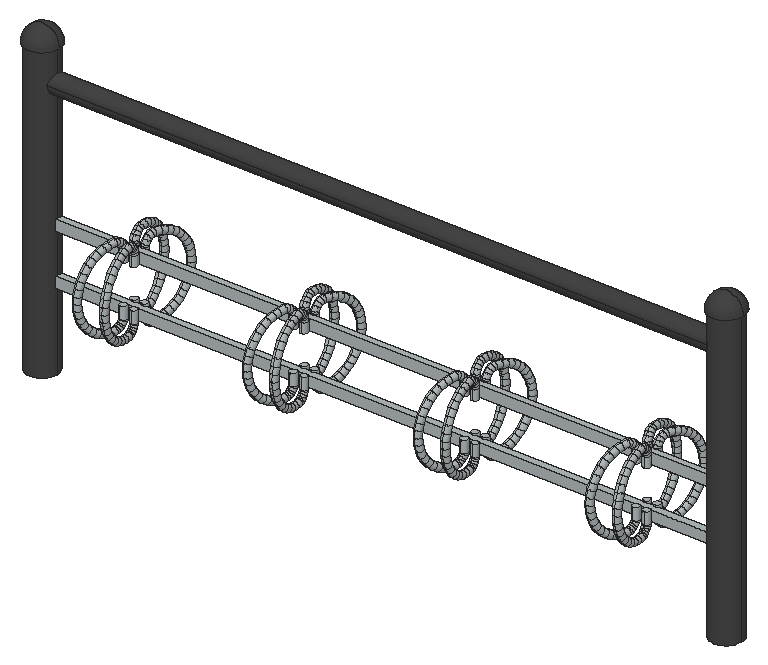
Revit family "Orion 8 Places", category Furniture, Revit 2020
Family settings
  OmniClass Number = 23.21.23.13.15
  Work Plane-Based = No
  Always vertical = Yes
  Cut with Voids When Loaded = No
  Shared = No
  Room Calculation Point = No
Parameters (values of type "8003074 / Black - Galvanized")
  Uniclass 1.4 Description = "Furniture"
  Uniclass 1.4 Code = "L8211"
  URL = "https://www.hags.com/"
  QR code = "https://www.hags.com/en-us/furniture/park-and-urban-furniture/bicycle-storage/orion-cycle-stand/not-applicable-cast-in-place-8-places-aug-2010-black-galv"
  Product url = "https://www.hags.com/en-us/furniture/park-and-urban-furniture/bicycle-storage/orion-cycle-stand/not-applicable-cast-in-place-8-places-aug-2010-black-galv"
  Product name = "Orion Cycle Stand Cast In Place 8 PL"
  Product data url = "https://bimobject.com/hags/product/sofa_sofiero_detached"
  Product SKU = "Orion_Cycle_Stand_Detached"
  Product Guid = "90e49432-c870-4a59-897e-b15016e8f9bd"
  OmniClass Description = "BICYCLE STORAGE"
  OmniClass Code = "23-21 23 13 15"
  Model = "8003074"
  Manufacturer name = "HAGS"
  Manufacturer = "Hags"
  IFC Classification = "Furniture"
  Edition number = 1
  Description = ""
  Default Elevation = 0 mm
  Construction material = Hags - Steel - Powder coated - Black
  Body material_90 = Hags - Steel - Galvanized
  Body material = Hags - Steel - Galvanized
  BIMobject category = "PARK AND URBAN FURNITURE"
Reference planes
  plane 1 "Center (Front/Back)": y = 0
  plane 2: z = 0
  plane 3 "Center (Left/Right)": x = 0
Forms (mm)
  Extrusion 1, solid, material "Hags - Steel - Galvanized" <- "Body material"
    sketch origin (1.365, 774.147, 368.991) x (1, 0, 0) y (0, 1, 0)
      loop
        line (45, 10) -> (45, -10) -> (1953.774, -10) -> (1953.774, 10) -> (45, 10)
    from 10 to 40
  Extrusion 2, solid, material "Hags - Steel - Powder coated - Black" <- "Construction material"
    sketch origin (1.256, 773.645, -2.003) x (1, 0, 0) y (0, 1, 0)
      loop
        circle (0, 0) r 45
    from 0 to 855.862
  Revolve 3, solid, material "Hags - Steel - Powder coated - Black" <- "Construction material"
    sketch origin (-157.494, 773.272, 982.921) x (1, 0, 0) y (0, 0, -1)
      loop
        arc (158.761, 80.421) -> (194.116, 95.065) -> (208.761, 130.421) r 50
        line (208.761, 130.421) -> (207.761, 130.421)
        arc (207.761, 130.421) -> (193.409, 95.772) -> (158.761, 81.421) r 49
        line (158.761, 81.421) -> (158.761, 80.421)
      axis (158.761, 80.421) -> (158.761, 130.421)
    angle from 0 to 360
  Extrusion 4, solid, material "Hags - Steel - Galvanized" <- "Body material"
    sketch origin (1.365, 774.147, 219.062) x (1, 0, 0) y (0, 1, 0)
      loop
        line (45, 10) -> (45, -10) -> (1953.774, -10) -> (1953.774, 10) -> (45, 10)
    from 10 to 40
  Sweep 5, solid, material "Hags - Steel - Galvanized" <- "Body material"
    path in 3D
      loop
        line (284.399, 754.337, 377.24) -> (284.399, 754.337, 407.353) -> (284.665, 752.833, 415.339) -> (285.316, 749.14, 423.039) -> (286.286, 743.636, 428.628) -> (287.965, 734.115, 434.346) -> (289.347, 726.277, 435.361) -> (292.522, 708.27, 432.783) -> (295.203, 693.067, 429.453) -> (297.994, 677.237, 422.534) -> (300.723, 661.763, 413.169) -> (303.109, 648.228, 401.259) -> (305.21, 636.315, 386.656) -> (306.856, 626.977, 371.146) -> (308.013, 620.42, 354.939) -> (308.792, 616.001, 337.377) -> (309.009, 614.771, 319.294) -> (308.744, 616.272, 301.112) -> (308.016, 620.403, 283.054) -> (306.889, 626.794, 266.207) -> (305.171, 636.533, 250.343) -> (303.187, 647.79, 236.583) -> (300.759, 661.556, 224.908) -> (298.069, 676.815, 215.565) -> (295.162, 693.301, 208.347) -> (292.187, 710.173, 204.276) -> (288.99, 728.303, 202.885) -> (287.744, 735.369, 204.302) -> (286.375, 743.131, 208.643) -> (285.399, 748.667, 215.06) -> (284.552, 753.472, 223.611) -> (284.444, 754.085, 227.971) -> (284.444, 754.085, 260.734)
    profile origin (284.444, 754.085, 244.352) x (0, 1, 0) y (-1, 0, 0)
      loop
        circle (0, 0) r 10
  Sweep 6, solid, material "Hags - Steel - Galvanized" <- "Body material"
    path in 3D
      loop
        line (254.031, 754.116, 377.794) -> (254.031, 754.116, 407.907) -> (253.766, 752.611, 415.893) -> (253.115, 748.919, 423.593) -> (252.145, 743.415, 429.182) -> (250.466, 733.894, 434.9) -> (249.084, 726.056, 435.915) -> (245.909, 708.049, 433.337) -> (243.228, 692.846, 430.007) -> (240.437, 677.016, 423.088) -> (237.708, 661.542, 413.723) -> (235.321, 648.007, 401.813) -> (233.221, 636.094, 387.21) -> (231.574, 626.756, 371.7) -> (230.418, 620.199, 355.493) -> (229.639, 615.78, 337.931) -> (229.422, 614.55, 319.848) -> (229.687, 616.051, 301.666) -> (230.415, 620.182, 283.608) -> (231.542, 626.573, 266.761) -> (233.259, 636.312, 250.897) -> (235.244, 647.569, 237.137) -> (237.672, 661.335, 225.462) -> (240.362, 676.594, 216.119) -> (243.269, 693.08, 208.901) -> (246.244, 709.952, 204.83) -> (249.441, 728.082, 203.439) -> (250.687, 735.148, 204.856) -> (252.056, 742.91, 209.197) -> (253.032, 748.445, 215.614) -> (253.879, 753.251, 224.165) -> (253.987, 753.864, 228.525) -> (253.987, 753.864, 261.288)
    profile origin (253.987, 753.864, 244.906) x (0, 1, 0) y (-1, 0, 0)
      loop
        circle (0, 0) r 10
  Sweep 7, solid, material "Hags - Steel - Galvanized" <- "Body material"
    path in 3D
      loop
        line (1781.899, 754.337, 377.24) -> (1781.899, 754.337, 407.353) -> (1782.165, 752.833, 415.339) -> (1782.816, 749.14, 423.039) -> (1783.786, 743.636, 428.628) -> (1785.465, 734.115, 434.346) -> (1786.847, 726.277, 435.361) -> (1790.022, 708.27, 432.783) -> (1792.703, 693.067, 429.453) -> (1795.494, 677.237, 422.534) -> (1798.223, 661.763, 413.169) -> (1800.609, 648.228, 401.259) -> (1802.71, 636.315, 386.656) -> (1804.356, 626.977, 371.146) -> (1805.513, 620.42, 354.939) -> (1806.292, 616.001, 337.377) -> (1806.509, 614.771, 319.294) -> (1806.244, 616.272, 301.112) -> (1805.516, 620.403, 283.054) -> (1804.389, 626.794, 266.207) -> (1802.671, 636.533, 250.343) -> (1800.687, 647.79, 236.583) -> (1798.259, 661.556, 224.908) -> (1795.569, 676.815, 215.565) -> (1792.662, 693.301, 208.347) -> (1789.687, 710.173, 204.276) -> (1786.49, 728.303, 202.885) -> (1785.244, 735.369, 204.302) -> (1783.875, 743.131, 208.643) -> (1782.899, 748.667, 215.06) -> (1782.052, 753.472, 223.611) -> (1781.944, 754.085, 227.971) -> (1781.944, 754.085, 260.734)
    profile origin (1781.944, 754.085, 244.352) x (0, 1, 0) y (-1, 0, 0)
      loop
        circle (0, 0) r 10
  Sweep 8, solid, material "Hags - Steel - Galvanized" <- "Body material"
    path in 3D
      loop
        line (1751.531, 754.116, 377.794) -> (1751.531, 754.116, 407.907) -> (1751.266, 752.611, 415.893) -> (1750.615, 748.919, 423.593) -> (1749.645, 743.415, 429.182) -> (1747.966, 733.894, 434.9) -> (1746.584, 726.056, 435.915) -> (1743.409, 708.049, 433.337) -> (1740.728, 692.846, 430.007) -> (1737.937, 677.016, 423.088) -> (1735.208, 661.542, 413.723) -> (1732.821, 648.007, 401.813) -> (1730.721, 636.094, 387.21) -> (1729.074, 626.756, 371.7) -> (1727.918, 620.199, 355.493) -> (1727.139, 615.78, 337.931) -> (1726.922, 614.55, 319.848) -> (1727.187, 616.051, 301.666) -> (1727.915, 620.182, 283.608) -> (1729.042, 626.573, 266.761) -> (1730.759, 636.312, 250.897) -> (1732.744, 647.569, 237.137) -> (1735.172, 661.335, 225.462) -> (1737.862, 676.594, 216.119) -> (1740.769, 693.08, 208.901) -> (1743.744, 709.952, 204.83) -> (1746.941, 728.082, 203.439) -> (1748.187, 735.148, 204.856) -> (1749.556, 742.91, 209.197) -> (1750.532, 748.445, 215.614) -> (1751.379, 753.251, 224.165) -> (1751.487, 753.864, 228.525) -> (1751.487, 753.864, 261.288)
    profile origin (1751.487, 753.864, 244.906) x (0, 1, 0) y (-1, 0, 0)
      loop
        circle (0, 0) r 10
  Sweep 9, solid, material "Hags - Steel - Galvanized" <- "Body material"
    path in 3D
      loop
        line (781.066, 754.337, 377.24) -> (781.066, 754.337, 407.353) -> (781.331, 752.833, 415.339) -> (781.982, 749.14, 423.039) -> (782.953, 743.636, 428.628) -> (784.632, 734.115, 434.346) -> (786.014, 726.277, 435.361) -> (789.189, 708.27, 432.783) -> (791.87, 693.067, 429.453) -> (794.661, 677.237, 422.534) -> (797.389, 661.763, 413.169) -> (799.776, 648.228, 401.259) -> (801.877, 636.315, 386.656) -> (803.523, 626.977, 371.146) -> (804.679, 620.42, 354.939) -> (805.458, 616.001, 337.377) -> (805.675, 614.771, 319.294) -> (805.411, 616.272, 301.112) -> (804.682, 620.403, 283.054) -> (803.555, 626.794, 266.207) -> (801.838, 636.533, 250.343) -> (799.853, 647.79, 236.583) -> (797.426, 661.556, 224.908) -> (794.735, 676.815, 215.565) -> (791.828, 693.301, 208.347) -> (788.853, 710.173, 204.276) -> (785.657, 728.303, 202.885) -> (784.411, 735.369, 204.302) -> (783.042, 743.131, 208.643) -> (782.066, 748.667, 215.06) -> (781.219, 753.472, 223.611) -> (781.111, 754.085, 227.971) -> (781.111, 754.085, 260.734)
    profile origin (781.111, 754.085, 244.352) x (0, 1, 0) y (-1, 0, 0)
      loop
        circle (0, 0) r 10
  Sweep 10, solid, material "Hags - Steel - Galvanized" <- "Body material"
    path in 3D
      loop
        line (750.698, 754.116, 377.794) -> (750.698, 754.116, 407.907) -> (750.433, 752.611, 415.893) -> (749.782, 748.919, 423.593) -> (748.811, 743.415, 429.182) -> (747.132, 733.894, 434.9) -> (745.75, 726.056, 435.915) -> (742.575, 708.049, 433.337) -> (739.894, 692.846, 430.007) -> (737.103, 677.016, 423.088) -> (734.375, 661.542, 413.723) -> (731.988, 648.007, 401.813) -> (729.888, 636.094, 387.21) -> (728.241, 626.756, 371.7) -> (727.085, 620.199, 355.493) -> (726.306, 615.78, 337.931) -> (726.089, 614.55, 319.848) -> (726.353, 616.051, 301.666) -> (727.082, 620.182, 283.608) -> (728.209, 626.573, 266.761) -> (729.926, 636.312, 250.897) -> (731.911, 647.569, 237.137) -> (734.338, 661.335, 225.462) -> (737.029, 676.594, 216.119) -> (739.936, 693.08, 208.901) -> (742.911, 709.952, 204.83) -> (746.108, 728.082, 203.439) -> (747.353, 735.148, 204.856) -> (748.722, 742.91, 209.197) -> (749.698, 748.445, 215.614) -> (750.545, 753.251, 224.165) -> (750.654, 753.864, 228.525) -> (750.654, 753.864, 261.288)
    profile origin (750.654, 753.864, 244.906) x (0, 1, 0) y (-1, 0, 0)
      loop
        circle (0, 0) r 10
  Sweep 11, solid, material "Hags - Steel - Galvanized" <- "Body material"
    path in 3D
      loop
        line (1280.233, 754.337, 377.24) -> (1280.233, 754.337, 407.353) -> (1280.498, 752.833, 415.339) -> (1281.149, 749.14, 423.039) -> (1282.12, 743.636, 428.628) -> (1283.798, 734.115, 434.346) -> (1285.181, 726.277, 435.361) -> (1288.356, 708.27, 432.783) -> (1291.036, 693.067, 429.453) -> (1293.828, 677.237, 422.534) -> (1296.556, 661.763, 413.169) -> (1298.943, 648.228, 401.259) -> (1301.043, 636.315, 386.656) -> (1302.69, 626.977, 371.146) -> (1303.846, 620.42, 354.939) -> (1304.625, 616.001, 337.377) -> (1304.842, 614.771, 319.294) -> (1304.577, 616.272, 301.112) -> (1303.849, 620.403, 283.054) -> (1302.722, 626.794, 266.207) -> (1301.005, 636.533, 250.343) -> (1299.02, 647.79, 236.583) -> (1296.593, 661.556, 224.908) -> (1293.902, 676.815, 215.565) -> (1290.995, 693.301, 208.347) -> (1288.02, 710.173, 204.276) -> (1284.823, 728.303, 202.885) -> (1283.577, 735.369, 204.302) -> (1282.209, 743.131, 208.643) -> (1281.233, 748.667, 215.06) -> (1280.385, 753.472, 223.611) -> (1280.277, 754.085, 227.971) -> (1280.277, 754.085, 260.734)
    profile origin (1280.277, 754.085, 244.352) x (0, 1, 0) y (-1, 0, 0)
      loop
        circle (0, 0) r 10
  Sweep 12, solid, material "Hags - Steel - Galvanized" <- "Body material"
    path in 3D
      loop
        line (1249.865, 754.116, 377.794) -> (1249.865, 754.116, 407.907) -> (1249.599, 752.611, 415.893) -> (1248.948, 748.919, 423.593) -> (1247.978, 743.415, 429.182) -> (1246.299, 733.894, 434.9) -> (1244.917, 726.056, 435.915) -> (1241.742, 708.049, 433.337) -> (1239.061, 692.846, 430.007) -> (1236.27, 677.016, 423.088) -> (1233.541, 661.542, 413.723) -> (1231.155, 648.007, 401.813) -> (1229.054, 636.094, 387.21) -> (1227.408, 626.756, 371.7) -> (1226.251, 620.199, 355.493) -> (1225.472, 615.78, 337.931) -> (1225.255, 614.55, 319.848) -> (1225.52, 616.051, 301.666) -> (1226.249, 620.182, 283.608) -> (1227.375, 626.573, 266.761) -> (1229.093, 636.312, 250.897) -> (1231.078, 647.569, 237.137) -> (1233.505, 661.335, 225.462) -> (1236.196, 676.594, 216.119) -> (1239.102, 693.08, 208.901) -> (1242.077, 709.952, 204.83) -> (1245.274, 728.082, 203.439) -> (1246.52, 735.148, 204.856) -> (1247.889, 742.91, 209.197) -> (1248.865, 748.445, 215.614) -> (1249.712, 753.251, 224.165) -> (1249.82, 753.864, 228.525) -> (1249.82, 753.864, 261.288)
    profile origin (1249.82, 753.864, 244.906) x (0, 1, 0) y (-1, 0, 0)
      loop
        circle (0, 0) r 10
  Extrusion 13, solid, material "Hags - Steel - Powder coated - Black" <- "Construction material"
    sketch origin (36.25, -235, -1.875) x (0, 1, 0) y (0, 0, 1)
      loop
        circle (1007.732, 762.878) r 27.52
    from 0 to 1927.669
  Extrusion 14, solid, material "Hags - Steel - Powder coated - Black" <- "Construction material"
    sketch origin (1999.85, 773.645, 0) x (1, 0, 0) y (0, 1, 0)
      loop
        circle (0, 0) r 45
    from 0 to 855.862
  Revolve 15, solid, material "Hags - Steel - Powder coated - Black" <- "Construction material"
    sketch origin (1841.1, 773.272, 984.925) x (1, 0, 0) y (0, 0, -1)
      loop
        arc (158.761, 80.421) -> (194.116, 95.065) -> (208.761, 130.421) r 50
        line (208.761, 130.421) -> (207.761, 130.421)
        arc (207.761, 130.421) -> (193.409, 95.772) -> (158.761, 81.421) r 49
        line (158.761, 81.421) -> (158.761, 80.421)
      axis (158.761, 80.421) -> (158.761, 130.421)
    angle from 0 to 360
  Sweep 16, solid, material "Hags - Steel - Galvanized" <- "Body material"
    path in 3D
      loop
        line (284.399, 793.272, 261.575) -> (284.399, 793.272, 231.463) -> (284.665, 794.777, 223.476) -> (285.316, 798.469, 215.776) -> (286.286, 803.973, 210.187) -> (287.965, 813.494, 204.469) -> (289.347, 821.332, 203.454) -> (292.522, 839.339, 206.032) -> (295.203, 854.542, 209.362) -> (297.994, 870.372, 216.282) -> (300.723, 885.846, 225.647) -> (303.109, 899.381, 237.556) -> (305.21, 911.294, 252.16) -> (306.856, 920.632, 267.67) -> (308.013, 927.189, 283.876) -> (308.792, 931.608, 301.438) -> (309.009, 932.838, 319.522) -> (308.744, 931.337, 337.704) -> (308.016, 927.206, 355.761) -> (306.889, 920.815, 372.609) -> (305.171, 911.076, 388.472) -> (303.187, 899.819, 402.232) -> (300.759, 886.053, 413.907) -> (298.069, 870.794, 423.251) -> (295.162, 854.308, 430.468) -> (292.187, 837.436, 434.54) -> (288.99, 819.306, 435.931) -> (287.744, 812.24, 434.514) -> (286.375, 804.478, 430.172) -> (285.399, 798.942, 423.756) -> (284.552, 794.137, 415.205) -> (284.444, 793.524, 410.845) -> (284.444, 793.524, 378.082)
    profile origin (284.444, 793.524, 394.463) x (-1, 0, 0) y (0, -1, 0)
      loop
        circle (0, 0) r 10
  Sweep 17, solid, material "Hags - Steel - Galvanized" <- "Body material"
    path in 3D
      loop
        line (254.031, 793.493, 261.021) -> (254.031, 793.493, 230.909) -> (253.766, 794.998, 222.922) -> (253.115, 798.69, 215.222) -> (252.145, 804.194, 209.633) -> (250.466, 813.715, 203.915) -> (249.084, 821.554, 202.9) -> (245.909, 839.56, 205.478) -> (243.228, 854.763, 208.808) -> (240.437, 870.593, 215.728) -> (237.708, 886.067, 225.093) -> (235.321, 899.602, 237.002) -> (233.221, 911.515, 251.606) -> (231.574, 920.853, 267.116) -> (230.418, 927.411, 283.322) -> (229.639, 931.829, 300.884) -> (229.422, 933.059, 318.968) -> (229.687, 931.558, 337.15) -> (230.415, 927.427, 355.207) -> (231.542, 921.036, 372.055) -> (233.259, 911.297, 387.918) -> (235.244, 900.04, 401.678) -> (237.672, 886.274, 413.353) -> (240.362, 871.015, 422.697) -> (243.269, 854.529, 429.914) -> (246.244, 837.657, 433.986) -> (249.441, 819.527, 435.377) -> (250.687, 812.461, 433.96) -> (252.056, 804.699, 429.618) -> (253.032, 799.164, 423.202) -> (253.879, 794.359, 414.651) -> (253.987, 793.745, 410.291) -> (253.987, 793.745, 377.528)
    profile origin (253.987, 793.745, 393.909) x (-1, 0, 0) y (0, -1, 0)
      loop
        circle (0, 0) r 10
  Sweep 18, solid, material "Hags - Steel - Galvanized" <- "Body material"
    path in 3D
      loop
        line (1781.899, 793.272, 261.575) -> (1781.899, 793.272, 231.463) -> (1782.165, 794.777, 223.476) -> (1782.816, 798.469, 215.776) -> (1783.786, 803.973, 210.187) -> (1785.465, 813.494, 204.469) -> (1786.847, 821.332, 203.454) -> (1790.022, 839.339, 206.032) -> (1792.703, 854.542, 209.362) -> (1795.494, 870.372, 216.282) -> (1798.223, 885.846, 225.647) -> (1800.609, 899.381, 237.556) -> (1802.71, 911.294, 252.16) -> (1804.356, 920.632, 267.67) -> (1805.513, 927.189, 283.876) -> (1806.292, 931.608, 301.438) -> (1806.509, 932.838, 319.522) -> (1806.244, 931.337, 337.704) -> (1805.516, 927.206, 355.761) -> (1804.389, 920.815, 372.609) -> (1802.671, 911.076, 388.472) -> (1800.687, 899.819, 402.232) -> (1798.259, 886.053, 413.907) -> (1795.569, 870.794, 423.251) -> (1792.662, 854.308, 430.468) -> (1789.687, 837.436, 434.54) -> (1786.49, 819.306, 435.931) -> (1785.244, 812.24, 434.514) -> (1783.875, 804.478, 430.172) -> (1782.899, 798.942, 423.756) -> (1782.052, 794.137, 415.205) -> (1781.944, 793.524, 410.845) -> (1781.944, 793.524, 378.082)
    profile origin (1781.944, 793.524, 394.463) x (-1, 0, 0) y (0, -1, 0)
      loop
        circle (0, 0) r 10
  Sweep 19, solid, material "Hags - Steel - Galvanized" <- "Body material"
    path in 3D
      loop
        line (1751.531, 793.493, 261.021) -> (1751.531, 793.493, 230.909) -> (1751.266, 794.998, 222.922) -> (1750.615, 798.69, 215.222) -> (1749.645, 804.194, 209.633) -> (1747.966, 813.715, 203.915) -> (1746.584, 821.554, 202.9) -> (1743.409, 839.56, 205.478) -> (1740.728, 854.763, 208.808) -> (1737.937, 870.593, 215.728) -> (1735.208, 886.067, 225.093) -> (1732.821, 899.602, 237.002) -> (1730.721, 911.515, 251.606) -> (1729.074, 920.853, 267.116) -> (1727.918, 927.411, 283.322) -> (1727.139, 931.829, 300.884) -> (1726.922, 933.059, 318.968) -> (1727.187, 931.558, 337.15) -> (1727.915, 927.427, 355.207) -> (1729.042, 921.036, 372.055) -> (1730.759, 911.297, 387.918) -> (1732.744, 900.04, 401.678) -> (1735.172, 886.274, 413.353) -> (1737.862, 871.015, 422.697) -> (1740.769, 854.529, 429.914) -> (1743.744, 837.657, 433.986) -> (1746.941, 819.527, 435.377) -> (1748.187, 812.461, 433.96) -> (1749.556, 804.699, 429.618) -> (1750.532, 799.164, 423.202) -> (1751.379, 794.359, 414.651) -> (1751.487, 793.745, 410.291) -> (1751.487, 793.745, 377.528)
    profile origin (1751.487, 793.745, 393.909) x (-1, 0, 0) y (0, -1, 0)
      loop
        circle (0, 0) r 10
  Sweep 20, solid, material "Hags - Steel - Galvanized" <- "Body material"
    path in 3D
      loop
        line (781.066, 793.272, 261.575) -> (781.066, 793.272, 231.463) -> (781.331, 794.777, 223.476) -> (781.982, 798.469, 215.776) -> (782.953, 803.973, 210.187) -> (784.632, 813.494, 204.469) -> (786.014, 821.332, 203.454) -> (789.189, 839.339, 206.032) -> (791.87, 854.542, 209.362) -> (794.661, 870.372, 216.282) -> (797.389, 885.846, 225.647) -> (799.776, 899.381, 237.556) -> (801.877, 911.294, 252.16) -> (803.523, 920.632, 267.67) -> (804.679, 927.189, 283.876) -> (805.458, 931.608, 301.438) -> (805.675, 932.838, 319.522) -> (805.411, 931.337, 337.704) -> (804.682, 927.206, 355.761) -> (803.555, 920.815, 372.609) -> (801.838, 911.076, 388.472) -> (799.853, 899.819, 402.232) -> (797.426, 886.053, 413.907) -> (794.735, 870.794, 423.251) -> (791.828, 854.308, 430.468) -> (788.853, 837.436, 434.54) -> (785.657, 819.306, 435.931) -> (784.411, 812.24, 434.514) -> (783.042, 804.478, 430.172) -> (782.066, 798.942, 423.756) -> (781.219, 794.137, 415.205) -> (781.111, 793.524, 410.845) -> (781.111, 793.524, 378.082)
    profile origin (781.111, 793.524, 394.463) x (-1, 0, 0) y (0, -1, 0)
      loop
        circle (0, 0) r 10
  Sweep 21, solid, material "Hags - Steel - Galvanized" <- "Body material"
    path in 3D
      loop
        line (750.698, 793.493, 261.021) -> (750.698, 793.493, 230.909) -> (750.433, 794.998, 222.922) -> (749.782, 798.69, 215.222) -> (748.811, 804.194, 209.633) -> (747.132, 813.715, 203.915) -> (745.75, 821.554, 202.9) -> (742.575, 839.56, 205.478) -> (739.894, 854.763, 208.808) -> (737.103, 870.593, 215.728) -> (734.375, 886.067, 225.093) -> (731.988, 899.602, 237.002) -> (729.888, 911.515, 251.606) -> (728.241, 920.853, 267.116) -> (727.085, 927.411, 283.322) -> (726.306, 931.829, 300.884) -> (726.089, 933.059, 318.968) -> (726.353, 931.558, 337.15) -> (727.082, 927.427, 355.207) -> (728.209, 921.036, 372.055) -> (729.926, 911.297, 387.918) -> (731.911, 900.04, 401.678) -> (734.338, 886.274, 413.353) -> (737.029, 871.015, 422.697) -> (739.936, 854.529, 429.914) -> (742.911, 837.657, 433.986) -> (746.108, 819.527, 435.377) -> (747.353, 812.461, 433.96) -> (748.722, 804.699, 429.618) -> (749.698, 799.164, 423.202) -> (750.545, 794.359, 414.651) -> (750.654, 793.745, 410.291) -> (750.654, 793.745, 377.528)
    profile origin (750.654, 793.745, 393.909) x (-1, 0, 0) y (0, -1, 0)
      loop
        circle (0, 0) r 10
  Sweep 22, solid, material "Hags - Steel - Galvanized" <- "Body material"
    path in 3D
      loop
        line (1280.233, 793.272, 261.575) -> (1280.233, 793.272, 231.463) -> (1280.498, 794.777, 223.476) -> (1281.149, 798.469, 215.776) -> (1282.12, 803.973, 210.187) -> (1283.798, 813.494, 204.469) -> (1285.181, 821.332, 203.454) -> (1288.356, 839.339, 206.032) -> (1291.036, 854.542, 209.362) -> (1293.828, 870.372, 216.282) -> (1296.556, 885.846, 225.647) -> (1298.943, 899.381, 237.556) -> (1301.043, 911.294, 252.16) -> (1302.69, 920.632, 267.67) -> (1303.846, 927.189, 283.876) -> (1304.625, 931.608, 301.438) -> (1304.842, 932.838, 319.522) -> (1304.577, 931.337, 337.704) -> (1303.849, 927.206, 355.761) -> (1302.722, 920.815, 372.609) -> (1301.005, 911.076, 388.472) -> (1299.02, 899.819, 402.232) -> (1296.593, 886.053, 413.907) -> (1293.902, 870.794, 423.251) -> (1290.995, 854.308, 430.468) -> (1288.02, 837.436, 434.54) -> (1284.823, 819.306, 435.931) -> (1283.577, 812.24, 434.514) -> (1282.209, 804.478, 430.172) -> (1281.233, 798.942, 423.756) -> (1280.385, 794.137, 415.205) -> (1280.277, 793.524, 410.845) -> (1280.277, 793.524, 378.082)
    profile origin (1280.277, 793.524, 394.463) x (-1, 0, 0) y (0, -1, 0)
      loop
        circle (0, 0) r 10
  Sweep 23, solid, material "Hags - Steel - Galvanized" <- "Body material"
    path in 3D
      loop
        line (1249.865, 793.493, 261.021) -> (1249.865, 793.493, 230.909) -> (1249.599, 794.998, 222.922) -> (1248.948, 798.69, 215.222) -> (1247.978, 804.194, 209.633) -> (1246.299, 813.715, 203.915) -> (1244.917, 821.554, 202.9) -> (1241.742, 839.56, 205.478) -> (1239.061, 854.763, 208.808) -> (1236.27, 870.593, 215.728) -> (1233.541, 886.067, 225.093) -> (1231.155, 899.602, 237.002) -> (1229.054, 911.515, 251.606) -> (1227.408, 920.853, 267.116) -> (1226.251, 927.411, 283.322) -> (1225.472, 931.829, 300.884) -> (1225.255, 933.059, 318.968) -> (1225.52, 931.558, 337.15) -> (1226.249, 927.427, 355.207) -> (1227.375, 921.036, 372.055) -> (1229.093, 911.297, 387.918) -> (1231.078, 900.04, 401.678) -> (1233.505, 886.274, 413.353) -> (1236.196, 871.015, 422.697) -> (1239.102, 854.529, 429.914) -> (1242.077, 837.657, 433.986) -> (1245.274, 819.527, 435.377) -> (1246.52, 812.461, 433.96) -> (1247.889, 804.699, 429.618) -> (1248.865, 799.164, 423.202) -> (1249.712, 794.359, 414.651) -> (1249.82, 793.745, 410.291) -> (1249.82, 793.745, 377.528)
    profile origin (1249.82, 793.745, 393.909) x (-1, 0, 0) y (0, -1, 0)
      loop
        circle (0, 0) r 10
Lines and regions (mm)
  sketch lines
    curve 1: line (284.444, 754.085, 227.971) -> (284.444, 754.085, 260.734)
    curve 2: line (284.552, 753.472, 223.611) -> (284.444, 754.085, 227.971)
    curve 3: line (285.399, 748.667, 215.06) -> (284.552, 753.472, 223.611)
    curve 4: line (286.375, 743.131, 208.643) -> (285.399, 748.667, 215.06)
    curve 5: line (287.744, 735.369, 204.302) -> (286.375, 743.131, 208.643)
    curve 6: line (288.99, 728.303, 202.885) -> (287.744, 735.369, 204.302)
    curve 7: line (292.187, 710.173, 204.276) -> (288.99, 728.303, 202.885)
    curve 8: line (295.162, 693.301, 208.347) -> (292.187, 710.173, 204.276)
    curve 9: line (298.069, 676.815, 215.565) -> (295.162, 693.301, 208.347)
    curve 10: line (300.759, 661.556, 224.908) -> (298.069, 676.815, 215.565)
    curve 11: line (303.187, 647.79, 236.583) -> (300.759, 661.556, 224.908)
    curve 12: line (305.171, 636.533, 250.343) -> (303.187, 647.79, 236.583)
    curve 13: line (306.889, 626.794, 266.207) -> (305.171, 636.533, 250.343)
    curve 14: line (308.016, 620.403, 283.054) -> (306.889, 626.794, 266.207)
    curve 15: line (308.744, 616.272, 301.112) -> (308.016, 620.403, 283.054)
    curve 16: line (309.009, 614.771, 319.294) -> (308.744, 616.272, 301.112)
    curve 17: line (308.792, 616.001, 337.377) -> (309.009, 614.771, 319.294)
    curve 18: line (308.013, 620.42, 354.939) -> (308.792, 616.001, 337.377)
    curve 19: line (306.856, 626.977, 371.146) -> (308.013, 620.42, 354.939)
    curve 20: line (305.21, 636.315, 386.656) -> (306.856, 626.977, 371.146)
    curve 21: line (303.109, 648.228, 401.259) -> (305.21, 636.315, 386.656)
    curve 22: line (300.723, 661.763, 413.169) -> (303.109, 648.228, 401.259)
    curve 23: line (297.994, 677.237, 422.534) -> (300.723, 661.763, 413.169)
    curve 24: line (295.203, 693.067, 429.453) -> (297.994, 677.237, 422.534)
    curve 25: line (292.522, 708.27, 432.783) -> (295.203, 693.067, 429.453)
    curve 26: line (289.347, 726.277, 435.361) -> (292.522, 708.27, 432.783)
    curve 27: line (287.965, 734.115, 434.346) -> (289.347, 726.277, 435.361)
    curve 28: line (286.286, 743.636, 428.628) -> (287.965, 734.115, 434.346)
    curve 29: line (285.316, 749.14, 423.039) -> (286.286, 743.636, 428.628)
    curve 30: line (284.665, 752.833, 415.339) -> (285.316, 749.14, 423.039)
    curve 31: line (284.399, 754.337, 407.353) -> (284.665, 752.833, 415.339)
    curve 32: line (284.399, 754.337, 377.24) -> (284.399, 754.337, 407.353)
    curve 33: line (253.987, 753.864, 228.525) -> (253.987, 753.864, 261.288)
    curve 34: line (253.879, 753.251, 224.165) -> (253.987, 753.864, 228.525)
    curve 35: line (253.032, 748.445, 215.614) -> (253.879, 753.251, 224.165)
    curve 36: line (252.056, 742.91, 209.197) -> (253.032, 748.445, 215.614)
    curve 37: line (250.687, 735.148, 204.856) -> (252.056, 742.91, 209.197)
    curve 38: line (249.441, 728.082, 203.439) -> (250.687, 735.148, 204.856)
    curve 39: line (246.244, 709.952, 204.83) -> (249.441, 728.082, 203.439)
    curve 40: line (243.269, 693.08, 208.901) -> (246.244, 709.952, 204.83)
    curve 41: line (240.362, 676.594, 216.119) -> (243.269, 693.08, 208.901)
    curve 42: line (237.672, 661.335, 225.462) -> (240.362, 676.594, 216.119)
    curve 43: line (235.244, 647.569, 237.137) -> (237.672, 661.335, 225.462)
    curve 44: line (233.259, 636.312, 250.897) -> (235.244, 647.569, 237.137)
    curve 45: line (231.542, 626.573, 266.761) -> (233.259, 636.312, 250.897)
    curve 46: line (230.415, 620.182, 283.608) -> (231.542, 626.573, 266.761)
    curve 47: line (229.687, 616.051, 301.666) -> (230.415, 620.182, 283.608)
    curve 48: line (229.422, 614.55, 319.848) -> (229.687, 616.051, 301.666)
    curve 49: line (229.639, 615.78, 337.931) -> (229.422, 614.55, 319.848)
    curve 50: line (230.418, 620.199, 355.493) -> (229.639, 615.78, 337.931)
    curve 51: line (231.574, 626.756, 371.7) -> (230.418, 620.199, 355.493)
    curve 52: line (233.221, 636.094, 387.21) -> (231.574, 626.756, 371.7)
    curve 53: line (235.321, 648.007, 401.813) -> (233.221, 636.094, 387.21)
    curve 54: line (237.708, 661.542, 413.723) -> (235.321, 648.007, 401.813)
    curve 55: line (240.437, 677.016, 423.088) -> (237.708, 661.542, 413.723)
    curve 56: line (243.228, 692.846, 430.007) -> (240.437, 677.016, 423.088)
    curve 57: line (245.909, 708.049, 433.337) -> (243.228, 692.846, 430.007)
    curve 58: line (249.084, 726.056, 435.915) -> (245.909, 708.049, 433.337)
    curve 59: line (250.466, 733.894, 434.9) -> (249.084, 726.056, 435.915)
    curve 60: line (252.145, 743.415, 429.182) -> (250.466, 733.894, 434.9)
    curve 61: line (253.115, 748.919, 423.593) -> (252.145, 743.415, 429.182)
    curve 62: line (253.766, 752.611, 415.893) -> (253.115, 748.919, 423.593)
    curve 63: line (254.031, 754.116, 407.907) -> (253.766, 752.611, 415.893)
    curve 64: line (254.031, 754.116, 377.794) -> (254.031, 754.116, 407.907)
    curve 65: line (1781.944, 754.085, 227.971) -> (1781.944, 754.085, 260.734)
    curve 66: line (1782.052, 753.472, 223.611) -> (1781.944, 754.085, 227.971)
    curve 67: line (1782.899, 748.667, 215.06) -> (1782.052, 753.472, 223.611)
    curve 68: line (1783.875, 743.131, 208.643) -> (1782.899, 748.667, 215.06)
    curve 69: line (1785.244, 735.369, 204.302) -> (1783.875, 743.131, 208.643)
    curve 70: line (1786.49, 728.303, 202.885) -> (1785.244, 735.369, 204.302)
    curve 71: line (1789.687, 710.173, 204.276) -> (1786.49, 728.303, 202.885)
    curve 72: line (1792.662, 693.301, 208.347) -> (1789.687, 710.173, 204.276)
    curve 73: line (1795.569, 676.815, 215.565) -> (1792.662, 693.301, 208.347)
    curve 74: line (1798.259, 661.556, 224.908) -> (1795.569, 676.815, 215.565)
    curve 75: line (1800.687, 647.79, 236.583) -> (1798.259, 661.556, 224.908)
    curve 76: line (1802.671, 636.533, 250.343) -> (1800.687, 647.79, 236.583)
    curve 77: line (1804.389, 626.794, 266.207) -> (1802.671, 636.533, 250.343)
    curve 78: line (1805.516, 620.403, 283.054) -> (1804.389, 626.794, 266.207)
    curve 79: line (1806.244, 616.272, 301.112) -> (1805.516, 620.403, 283.054)
    curve 80: line (1806.509, 614.771, 319.294) -> (1806.244, 616.272, 301.112)
    curve 81: line (1806.292, 616.001, 337.377) -> (1806.509, 614.771, 319.294)
    curve 82: line (1805.513, 620.42, 354.939) -> (1806.292, 616.001, 337.377)
    curve 83: line (1804.356, 626.977, 371.146) -> (1805.513, 620.42, 354.939)
    curve 84: line (1802.71, 636.315, 386.656) -> (1804.356, 626.977, 371.146)
    curve 85: line (1800.609, 648.228, 401.259) -> (1802.71, 636.315, 386.656)
    curve 86: line (1798.223, 661.763, 413.169) -> (1800.609, 648.228, 401.259)
    curve 87: line (1795.494, 677.237, 422.534) -> (1798.223, 661.763, 413.169)
    curve 88: line (1792.703, 693.067, 429.453) -> (1795.494, 677.237, 422.534)
    curve 89: line (1790.022, 708.27, 432.783) -> (1792.703, 693.067, 429.453)
    curve 90: line (1786.847, 726.277, 435.361) -> (1790.022, 708.27, 432.783)
    curve 91: line (1785.465, 734.115, 434.346) -> (1786.847, 726.277, 435.361)
    curve 92: line (1783.786, 743.636, 428.628) -> (1785.465, 734.115, 434.346)
    curve 93: line (1782.816, 749.14, 423.039) -> (1783.786, 743.636, 428.628)
    curve 94: line (1782.165, 752.833, 415.339) -> (1782.816, 749.14, 423.039)
    curve 95: line (1781.899, 754.337, 407.353) -> (1782.165, 752.833, 415.339)
    curve 96: line (1781.899, 754.337, 377.24) -> (1781.899, 754.337, 407.353)
    curve 97: line (1751.487, 753.864, 228.525) -> (1751.487, 753.864, 261.288)
    curve 98: line (1751.379, 753.251, 224.165) -> (1751.487, 753.864, 228.525)
    curve 99: line (1750.532, 748.445, 215.614) -> (1751.379, 753.251, 224.165)
    curve 100: line (1749.556, 742.91, 209.197) -> (1750.532, 748.445, 215.614)
    curve 101: line (1748.187, 735.148, 204.856) -> (1749.556, 742.91, 209.197)
    curve 102: line (1746.941, 728.082, 203.439) -> (1748.187, 735.148, 204.856)
    curve 103: line (1743.744, 709.952, 204.83) -> (1746.941, 728.082, 203.439)
    curve 104: line (1740.769, 693.08, 208.901) -> (1743.744, 709.952, 204.83)
    curve 105: line (1737.862, 676.594, 216.119) -> (1740.769, 693.08, 208.901)
    curve 106: line (1735.172, 661.335, 225.462) -> (1737.862, 676.594, 216.119)
    curve 107: line (1732.744, 647.569, 237.137) -> (1735.172, 661.335, 225.462)
    curve 108: line (1730.759, 636.312, 250.897) -> (1732.744, 647.569, 237.137)
    curve 109: line (1729.042, 626.573, 266.761) -> (1730.759, 636.312, 250.897)
    curve 110: line (1727.915, 620.182, 283.608) -> (1729.042, 626.573, 266.761)
    curve 111: line (1727.187, 616.051, 301.666) -> (1727.915, 620.182, 283.608)
    curve 112: line (1726.922, 614.55, 319.848) -> (1727.187, 616.051, 301.666)
    curve 113: line (1727.139, 615.78, 337.931) -> (1726.922, 614.55, 319.848)
    curve 114: line (1727.918, 620.199, 355.493) -> (1727.139, 615.78, 337.931)
    curve 115: line (1729.074, 626.756, 371.7) -> (1727.918, 620.199, 355.493)
    curve 116: line (1730.721, 636.094, 387.21) -> (1729.074, 626.756, 371.7)
    curve 117: line (1732.821, 648.007, 401.813) -> (1730.721, 636.094, 387.21)
    curve 118: line (1735.208, 661.542, 413.723) -> (1732.821, 648.007, 401.813)
    curve 119: line (1737.937, 677.016, 423.088) -> (1735.208, 661.542, 413.723)
    curve 120: line (1740.728, 692.846, 430.007) -> (1737.937, 677.016, 423.088)
    curve 121: line (1743.409, 708.049, 433.337) -> (1740.728, 692.846, 430.007)
    curve 122: line (1746.584, 726.056, 435.915) -> (1743.409, 708.049, 433.337)
    curve 123: line (1747.966, 733.894, 434.9) -> (1746.584, 726.056, 435.915)
    curve 124: line (1749.645, 743.415, 429.182) -> (1747.966, 733.894, 434.9)
    curve 125: line (1750.615, 748.919, 423.593) -> (1749.645, 743.415, 429.182)
    curve 126: line (1751.266, 752.611, 415.893) -> (1750.615, 748.919, 423.593)
    curve 127: line (1751.531, 754.116, 407.907) -> (1751.266, 752.611, 415.893)
    curve 128: line (1751.531, 754.116, 377.794) -> (1751.531, 754.116, 407.907)
    curve 129: line (781.111, 754.085, 227.971) -> (781.111, 754.085, 260.734)
    curve 130: line (781.219, 753.472, 223.611) -> (781.111, 754.085, 227.971)
    curve 131: line (782.066, 748.667, 215.06) -> (781.219, 753.472, 223.611)
    curve 132: line (783.042, 743.131, 208.643) -> (782.066, 748.667, 215.06)
    curve 133: line (784.411, 735.369, 204.302) -> (783.042, 743.131, 208.643)
    curve 134: line (785.657, 728.303, 202.885) -> (784.411, 735.369, 204.302)
    curve 135: line (788.853, 710.173, 204.276) -> (785.657, 728.303, 202.885)
    curve 136: line (791.828, 693.301, 208.347) -> (788.853, 710.173, 204.276)
    curve 137: line (794.735, 676.815, 215.565) -> (791.828, 693.301, 208.347)
    curve 138: line (797.426, 661.556, 224.908) -> (794.735, 676.815, 215.565)
    curve 139: line (799.853, 647.79, 236.583) -> (797.426, 661.556, 224.908)
    curve 140: line (801.838, 636.533, 250.343) -> (799.853, 647.79, 236.583)
    curve 141: line (803.555, 626.794, 266.207) -> (801.838, 636.533, 250.343)
    curve 142: line (804.682, 620.403, 283.054) -> (803.555, 626.794, 266.207)
    curve 143: line (805.411, 616.272, 301.112) -> (804.682, 620.403, 283.054)
    curve 144: line (805.675, 614.771, 319.294) -> (805.411, 616.272, 301.112)
    curve 145: line (805.458, 616.001, 337.377) -> (805.675, 614.771, 319.294)
    curve 146: line (804.679, 620.42, 354.939) -> (805.458, 616.001, 337.377)
    curve 147: line (803.523, 626.977, 371.146) -> (804.679, 620.42, 354.939)
    curve 148: line (801.877, 636.315, 386.656) -> (803.523, 626.977, 371.146)
    curve 149: line (799.776, 648.228, 401.259) -> (801.877, 636.315, 386.656)
    curve 150: line (797.389, 661.763, 413.169) -> (799.776, 648.228, 401.259)
    curve 151: line (794.661, 677.237, 422.534) -> (797.389, 661.763, 413.169)
    curve 152: line (791.87, 693.067, 429.453) -> (794.661, 677.237, 422.534)
    curve 153: line (789.189, 708.27, 432.783) -> (791.87, 693.067, 429.453)
    curve 154: line (786.014, 726.277, 435.361) -> (789.189, 708.27, 432.783)
    curve 155: line (784.632, 734.115, 434.346) -> (786.014, 726.277, 435.361)
    curve 156: line (782.953, 743.636, 428.628) -> (784.632, 734.115, 434.346)
    curve 157: line (781.982, 749.14, 423.039) -> (782.953, 743.636, 428.628)
    curve 158: line (781.331, 752.833, 415.339) -> (781.982, 749.14, 423.039)
    curve 159: line (781.066, 754.337, 407.353) -> (781.331, 752.833, 415.339)
    curve 160: line (781.066, 754.337, 377.24) -> (781.066, 754.337, 407.353)
    curve 161: line (750.654, 753.864, 228.525) -> (750.654, 753.864, 261.288)
    curve 162: line (750.545, 753.251, 224.165) -> (750.654, 753.864, 228.525)
    curve 163: line (749.698, 748.445, 215.614) -> (750.545, 753.251, 224.165)
    curve 164: line (748.722, 742.91, 209.197) -> (749.698, 748.445, 215.614)
    curve 165: line (747.353, 735.148, 204.856) -> (748.722, 742.91, 209.197)
    curve 166: line (746.108, 728.082, 203.439) -> (747.353, 735.148, 204.856)
    curve 167: line (742.911, 709.952, 204.83) -> (746.108, 728.082, 203.439)
    curve 168: line (739.936, 693.08, 208.901) -> (742.911, 709.952, 204.83)
    curve 169: line (737.029, 676.594, 216.119) -> (739.936, 693.08, 208.901)
    curve 170: line (734.338, 661.335, 225.462) -> (737.029, 676.594, 216.119)
    curve 171: line (731.911, 647.569, 237.137) -> (734.338, 661.335, 225.462)
    curve 172: line (729.926, 636.312, 250.897) -> (731.911, 647.569, 237.137)
    curve 173: line (728.209, 626.573, 266.761) -> (729.926, 636.312, 250.897)
    curve 174: line (727.082, 620.182, 283.608) -> (728.209, 626.573, 266.761)
    curve 175: line (726.353, 616.051, 301.666) -> (727.082, 620.182, 283.608)
    curve 176: line (726.089, 614.55, 319.848) -> (726.353, 616.051, 301.666)
    curve 177: line (726.306, 615.78, 337.931) -> (726.089, 614.55, 319.848)
    curve 178: line (727.085, 620.199, 355.493) -> (726.306, 615.78, 337.931)
    curve 179: line (728.241, 626.756, 371.7) -> (727.085, 620.199, 355.493)
    curve 180: line (729.888, 636.094, 387.21) -> (728.241, 626.756, 371.7)
    curve 181: line (731.988, 648.007, 401.813) -> (729.888, 636.094, 387.21)
    curve 182: line (734.375, 661.542, 413.723) -> (731.988, 648.007, 401.813)
    curve 183: line (737.103, 677.016, 423.088) -> (734.375, 661.542, 413.723)
    curve 184: line (739.894, 692.846, 430.007) -> (737.103, 677.016, 423.088)
    curve 185: line (742.575, 708.049, 433.337) -> (739.894, 692.846, 430.007)
    curve 186: line (745.75, 726.056, 435.915) -> (742.575, 708.049, 433.337)
    curve 187: line (747.132, 733.894, 434.9) -> (745.75, 726.056, 435.915)
    curve 188: line (748.811, 743.415, 429.182) -> (747.132, 733.894, 434.9)
    curve 189: line (749.782, 748.919, 423.593) -> (748.811, 743.415, 429.182)
    curve 190: line (750.433, 752.611, 415.893) -> (749.782, 748.919, 423.593)
    curve 191: line (750.698, 754.116, 407.907) -> (750.433, 752.611, 415.893)
    curve 192: line (750.698, 754.116, 377.794) -> (750.698, 754.116, 407.907)
    curve 193: line (1280.277, 754.085, 227.971) -> (1280.277, 754.085, 260.734)
    curve 194: line (1280.385, 753.472, 223.611) -> (1280.277, 754.085, 227.971)
    curve 195: line (1281.233, 748.667, 215.06) -> (1280.385, 753.472, 223.611)
    curve 196: line (1282.209, 743.131, 208.643) -> (1281.233, 748.667, 215.06)
    curve 197: line (1283.577, 735.369, 204.302) -> (1282.209, 743.131, 208.643)
    curve 198: line (1284.823, 728.303, 202.885) -> (1283.577, 735.369, 204.302)
    curve 199: line (1288.02, 710.173, 204.276) -> (1284.823, 728.303, 202.885)
    curve 200: line (1290.995, 693.301, 208.347) -> (1288.02, 710.173, 204.276)
    curve 201: line (1293.902, 676.815, 215.565) -> (1290.995, 693.301, 208.347)
    curve 202: line (1296.593, 661.556, 224.908) -> (1293.902, 676.815, 215.565)
    curve 203: line (1299.02, 647.79, 236.583) -> (1296.593, 661.556, 224.908)
    curve 204: line (1301.005, 636.533, 250.343) -> (1299.02, 647.79, 236.583)
    curve 205: line (1302.722, 626.794, 266.207) -> (1301.005, 636.533, 250.343)
    curve 206: line (1303.849, 620.403, 283.054) -> (1302.722, 626.794, 266.207)
    curve 207: line (1304.577, 616.272, 301.112) -> (1303.849, 620.403, 283.054)
    curve 208: line (1304.842, 614.771, 319.294) -> (1304.577, 616.272, 301.112)
    curve 209: line (1304.625, 616.001, 337.377) -> (1304.842, 614.771, 319.294)
    curve 210: line (1303.846, 620.42, 354.939) -> (1304.625, 616.001, 337.377)
    curve 211: line (1302.69, 626.977, 371.146) -> (1303.846, 620.42, 354.939)
    curve 212: line (1301.043, 636.315, 386.656) -> (1302.69, 626.977, 371.146)
    curve 213: line (1298.943, 648.228, 401.259) -> (1301.043, 636.315, 386.656)
    curve 214: line (1296.556, 661.763, 413.169) -> (1298.943, 648.228, 401.259)
    curve 215: line (1293.828, 677.237, 422.534) -> (1296.556, 661.763, 413.169)
    curve 216: line (1291.036, 693.067, 429.453) -> (1293.828, 677.237, 422.534)
    curve 217: line (1288.356, 708.27, 432.783) -> (1291.036, 693.067, 429.453)
    curve 218: line (1285.181, 726.277, 435.361) -> (1288.356, 708.27, 432.783)
    curve 219: line (1283.798, 734.115, 434.346) -> (1285.181, 726.277, 435.361)
    curve 220: line (1282.12, 743.636, 428.628) -> (1283.798, 734.115, 434.346)
    curve 221: line (1281.149, 749.14, 423.039) -> (1282.12, 743.636, 428.628)
    curve 222: line (1280.498, 752.833, 415.339) -> (1281.149, 749.14, 423.039)
    curve 223: line (1280.233, 754.337, 407.353) -> (1280.498, 752.833, 415.339)
    curve 224: line (1280.233, 754.337, 377.24) -> (1280.233, 754.337, 407.353)
    curve 225: line (1249.82, 753.864, 228.525) -> (1249.82, 753.864, 261.288)
    curve 226: line (1249.712, 753.251, 224.165) -> (1249.82, 753.864, 228.525)
    curve 227: line (1248.865, 748.445, 215.614) -> (1249.712, 753.251, 224.165)
    curve 228: line (1247.889, 742.91, 209.197) -> (1248.865, 748.445, 215.614)
    curve 229: line (1246.52, 735.148, 204.856) -> (1247.889, 742.91, 209.197)
    curve 230: line (1245.274, 728.082, 203.439) -> (1246.52, 735.148, 204.856)
    curve 231: line (1242.077, 709.952, 204.83) -> (1245.274, 728.082, 203.439)
    curve 232: line (1239.102, 693.08, 208.901) -> (1242.077, 709.952, 204.83)
    curve 233: line (1236.196, 676.594, 216.119) -> (1239.102, 693.08, 208.901)
    curve 234: line (1233.505, 661.335, 225.462) -> (1236.196, 676.594, 216.119)
    curve 235: line (1231.078, 647.569, 237.137) -> (1233.505, 661.335, 225.462)
    curve 236: line (1229.093, 636.312, 250.897) -> (1231.078, 647.569, 237.137)
    curve 237: line (1227.375, 626.573, 266.761) -> (1229.093, 636.312, 250.897)
    curve 238: line (1226.249, 620.182, 283.608) -> (1227.375, 626.573, 266.761)
    curve 239: line (1225.52, 616.051, 301.666) -> (1226.249, 620.182, 283.608)
    curve 240: line (1225.255, 614.55, 319.848) -> (1225.52, 616.051, 301.666)
    curve 241: line (1225.472, 615.78, 337.931) -> (1225.255, 614.55, 319.848)
    curve 242: line (1226.251, 620.199, 355.493) -> (1225.472, 615.78, 337.931)
    curve 243: line (1227.408, 626.756, 371.7) -> (1226.251, 620.199, 355.493)
    curve 244: line (1229.054, 636.094, 387.21) -> (1227.408, 626.756, 371.7)
    curve 245: line (1231.155, 648.007, 401.813) -> (1229.054, 636.094, 387.21)
    curve 246: line (1233.541, 661.542, 413.723) -> (1231.155, 648.007, 401.813)
    curve 247: line (1236.27, 677.016, 423.088) -> (1233.541, 661.542, 413.723)
    curve 248: line (1239.061, 692.846, 430.007) -> (1236.27, 677.016, 423.088)
    curve 249: line (1241.742, 708.049, 433.337) -> (1239.061, 692.846, 430.007)
    curve 250: line (1244.917, 726.056, 435.915) -> (1241.742, 708.049, 433.337)
    curve 251: line (1246.299, 733.894, 434.9) -> (1244.917, 726.056, 435.915)
    curve 252: line (1247.978, 743.415, 429.182) -> (1246.299, 733.894, 434.9)
    curve 253: line (1248.948, 748.919, 423.593) -> (1247.978, 743.415, 429.182)
    curve 254: line (1249.599, 752.611, 415.893) -> (1248.948, 748.919, 423.593)
    curve 255: line (1249.865, 754.116, 407.907) -> (1249.599, 752.611, 415.893)
    curve 256: line (1249.865, 754.116, 377.794) -> (1249.865, 754.116, 407.907)
    curve 257: line (284.444, 793.524, 410.845) -> (284.444, 793.524, 378.082)
    curve 258: line (284.552, 794.137, 415.205) -> (284.444, 793.524, 410.845)
    curve 259: line (285.399, 798.942, 423.756) -> (284.552, 794.137, 415.205)
    curve 260: line (286.375, 804.478, 430.172) -> (285.399, 798.942, 423.756)
    curve 261: line (287.744, 812.24, 434.514) -> (286.375, 804.478, 430.172)
    curve 262: line (288.99, 819.306, 435.931) -> (287.744, 812.24, 434.514)
    curve 263: line (292.187, 837.436, 434.54) -> (288.99, 819.306, 435.931)
    curve 264: line (295.162, 854.308, 430.468) -> (292.187, 837.436, 434.54)
    curve 265: line (298.069, 870.794, 423.251) -> (295.162, 854.308, 430.468)
    curve 266: line (300.759, 886.053, 413.907) -> (298.069, 870.794, 423.251)
    curve 267: line (303.187, 899.819, 402.232) -> (300.759, 886.053, 413.907)
    curve 268: line (305.171, 911.076, 388.472) -> (303.187, 899.819, 402.232)
    curve 269: line (306.889, 920.815, 372.609) -> (305.171, 911.076, 388.472)
    curve 270: line (308.016, 927.206, 355.761) -> (306.889, 920.815, 372.609)
    curve 271: line (308.744, 931.337, 337.704) -> (308.016, 927.206, 355.761)
    curve 272: line (309.009, 932.838, 319.522) -> (308.744, 931.337, 337.704)
    curve 273: line (308.792, 931.608, 301.438) -> (309.009, 932.838, 319.522)
    curve 274: line (308.013, 927.189, 283.876) -> (308.792, 931.608, 301.438)
    curve 275: line (306.856, 920.632, 267.67) -> (308.013, 927.189, 283.876)
    curve 276: line (305.21, 911.294, 252.16) -> (306.856, 920.632, 267.67)
    curve 277: line (303.109, 899.381, 237.556) -> (305.21, 911.294, 252.16)
    curve 278: line (300.723, 885.846, 225.647) -> (303.109, 899.381, 237.556)
    curve 279: line (297.994, 870.372, 216.282) -> (300.723, 885.846, 225.647)
    curve 280: line (295.203, 854.542, 209.362) -> (297.994, 870.372, 216.282)
    curve 281: line (292.522, 839.339, 206.032) -> (295.203, 854.542, 209.362)
    curve 282: line (289.347, 821.332, 203.454) -> (292.522, 839.339, 206.032)
    curve 283: line (287.965, 813.494, 204.469) -> (289.347, 821.332, 203.454)
    curve 284: line (286.286, 803.973, 210.187) -> (287.965, 813.494, 204.469)
    curve 285: line (285.316, 798.469, 215.776) -> (286.286, 803.973, 210.187)
    curve 286: line (284.665, 794.777, 223.476) -> (285.316, 798.469, 215.776)
    curve 287: line (284.399, 793.272, 231.463) -> (284.665, 794.777, 223.476)
    curve 288: line (284.399, 793.272, 261.575) -> (284.399, 793.272, 231.463)
    curve 289: line (253.987, 793.745, 410.291) -> (253.987, 793.745, 377.528)
    curve 290: line (253.879, 794.359, 414.651) -> (253.987, 793.745, 410.291)
    curve 291: line (253.032, 799.164, 423.202) -> (253.879, 794.359, 414.651)
    curve 292: line (252.056, 804.699, 429.618) -> (253.032, 799.164, 423.202)
    curve 293: line (250.687, 812.461, 433.96) -> (252.056, 804.699, 429.618)
    curve 294: line (249.441, 819.527, 435.377) -> (250.687, 812.461, 433.96)
    curve 295: line (246.244, 837.657, 433.986) -> (249.441, 819.527, 435.377)
    curve 296: line (243.269, 854.529, 429.914) -> (246.244, 837.657, 433.986)
    curve 297: line (240.362, 871.015, 422.697) -> (243.269, 854.529, 429.914)
    curve 298: line (237.672, 886.274, 413.353) -> (240.362, 871.015, 422.697)
    curve 299: line (235.244, 900.04, 401.678) -> (237.672, 886.274, 413.353)
    curve 300: line (233.259, 911.297, 387.918) -> (235.244, 900.04, 401.678)
    curve 301: line (231.542, 921.036, 372.055) -> (233.259, 911.297, 387.918)
    curve 302: line (230.415, 927.427, 355.207) -> (231.542, 921.036, 372.055)
    curve 303: line (229.687, 931.558, 337.15) -> (230.415, 927.427, 355.207)
    curve 304: line (229.422, 933.059, 318.968) -> (229.687, 931.558, 337.15)
    curve 305: line (229.639, 931.829, 300.884) -> (229.422, 933.059, 318.968)
    curve 306: line (230.418, 927.411, 283.322) -> (229.639, 931.829, 300.884)
    curve 307: line (231.574, 920.853, 267.116) -> (230.418, 927.411, 283.322)
    curve 308: line (233.221, 911.515, 251.606) -> (231.574, 920.853, 267.116)
    curve 309: line (235.321, 899.602, 237.002) -> (233.221, 911.515, 251.606)
    curve 310: line (237.708, 886.067, 225.093) -> (235.321, 899.602, 237.002)
    curve 311: line (240.437, 870.593, 215.728) -> (237.708, 886.067, 225.093)
    curve 312: line (243.228, 854.763, 208.808) -> (240.437, 870.593, 215.728)
    curve 313: line (245.909, 839.56, 205.478) -> (243.228, 854.763, 208.808)
    curve 314: line (249.084, 821.554, 202.9) -> (245.909, 839.56, 205.478)
    curve 315: line (250.466, 813.715, 203.915) -> (249.084, 821.554, 202.9)
    curve 316: line (252.145, 804.194, 209.633) -> (250.466, 813.715, 203.915)
    curve 317: line (253.115, 798.69, 215.222) -> (252.145, 804.194, 209.633)
    curve 318: line (253.766, 794.998, 222.922) -> (253.115, 798.69, 215.222)
    curve 319: line (254.031, 793.493, 230.909) -> (253.766, 794.998, 222.922)
    curve 320: line (254.031, 793.493, 261.021) -> (254.031, 793.493, 230.909)
    curve 321: line (1781.944, 793.524, 410.845) -> (1781.944, 793.524, 378.082)
    curve 322: line (1782.052, 794.137, 415.205) -> (1781.944, 793.524, 410.845)
    curve 323: line (1782.899, 798.942, 423.756) -> (1782.052, 794.137, 415.205)
    curve 324: line (1783.875, 804.478, 430.172) -> (1782.899, 798.942, 423.756)
    curve 325: line (1785.244, 812.24, 434.514) -> (1783.875, 804.478, 430.172)
    curve 326: line (1786.49, 819.306, 435.931) -> (1785.244, 812.24, 434.514)
    curve 327: line (1789.687, 837.436, 434.54) -> (1786.49, 819.306, 435.931)
    curve 328: line (1792.662, 854.308, 430.468) -> (1789.687, 837.436, 434.54)
    curve 329: line (1795.569, 870.794, 423.251) -> (1792.662, 854.308, 430.468)
    curve 330: line (1798.259, 886.053, 413.907) -> (1795.569, 870.794, 423.251)
    curve 331: line (1800.687, 899.819, 402.232) -> (1798.259, 886.053, 413.907)
    curve 332: line (1802.671, 911.076, 388.472) -> (1800.687, 899.819, 402.232)
    curve 333: line (1804.389, 920.815, 372.609) -> (1802.671, 911.076, 388.472)
    curve 334: line (1805.516, 927.206, 355.761) -> (1804.389, 920.815, 372.609)
    curve 335: line (1806.244, 931.337, 337.704) -> (1805.516, 927.206, 355.761)
    curve 336: line (1806.509, 932.838, 319.522) -> (1806.244, 931.337, 337.704)
    curve 337: line (1806.292, 931.608, 301.438) -> (1806.509, 932.838, 319.522)
    curve 338: line (1805.513, 927.189, 283.876) -> (1806.292, 931.608, 301.438)
    curve 339: line (1804.356, 920.632, 267.67) -> (1805.513, 927.189, 283.876)
    curve 340: line (1802.71, 911.294, 252.16) -> (1804.356, 920.632, 267.67)
    curve 341: line (1800.609, 899.381, 237.556) -> (1802.71, 911.294, 252.16)
    curve 342: line (1798.223, 885.846, 225.647) -> (1800.609, 899.381, 237.556)
    curve 343: line (1795.494, 870.372, 216.282) -> (1798.223, 885.846, 225.647)
    curve 344: line (1792.703, 854.542, 209.362) -> (1795.494, 870.372, 216.282)
    curve 345: line (1790.022, 839.339, 206.032) -> (1792.703, 854.542, 209.362)
    curve 346: line (1786.847, 821.332, 203.454) -> (1790.022, 839.339, 206.032)
    curve 347: line (1785.465, 813.494, 204.469) -> (1786.847, 821.332, 203.454)
    curve 348: line (1783.786, 803.973, 210.187) -> (1785.465, 813.494, 204.469)
    curve 349: line (1782.816, 798.469, 215.776) -> (1783.786, 803.973, 210.187)
    curve 350: line (1782.165, 794.777, 223.476) -> (1782.816, 798.469, 215.776)
    curve 351: line (1781.899, 793.272, 231.463) -> (1782.165, 794.777, 223.476)
    curve 352: line (1781.899, 793.272, 261.575) -> (1781.899, 793.272, 231.463)
    curve 353: line (1751.487, 793.745, 410.291) -> (1751.487, 793.745, 377.528)
    curve 354: line (1751.379, 794.359, 414.651) -> (1751.487, 793.745, 410.291)
    curve 355: line (1750.532, 799.164, 423.202) -> (1751.379, 794.359, 414.651)
    curve 356: line (1749.556, 804.699, 429.618) -> (1750.532, 799.164, 423.202)
    curve 357: line (1748.187, 812.461, 433.96) -> (1749.556, 804.699, 429.618)
    curve 358: line (1746.941, 819.527, 435.377) -> (1748.187, 812.461, 433.96)
    curve 359: line (1743.744, 837.657, 433.986) -> (1746.941, 819.527, 435.377)
    curve 360: line (1740.769, 854.529, 429.914) -> (1743.744, 837.657, 433.986)
    curve 361: line (1737.862, 871.015, 422.697) -> (1740.769, 854.529, 429.914)
    curve 362: line (1735.172, 886.274, 413.353) -> (1737.862, 871.015, 422.697)
    curve 363: line (1732.744, 900.04, 401.678) -> (1735.172, 886.274, 413.353)
    curve 364: line (1730.759, 911.297, 387.918) -> (1732.744, 900.04, 401.678)
    curve 365: line (1729.042, 921.036, 372.055) -> (1730.759, 911.297, 387.918)
    curve 366: line (1727.915, 927.427, 355.207) -> (1729.042, 921.036, 372.055)
    curve 367: line (1727.187, 931.558, 337.15) -> (1727.915, 927.427, 355.207)
    curve 368: line (1726.922, 933.059, 318.968) -> (1727.187, 931.558, 337.15)
    curve 369: line (1727.139, 931.829, 300.884) -> (1726.922, 933.059, 318.968)
    curve 370: line (1727.918, 927.411, 283.322) -> (1727.139, 931.829, 300.884)
    curve 371: line (1729.074, 920.853, 267.116) -> (1727.918, 927.411, 283.322)
    curve 372: line (1730.721, 911.515, 251.606) -> (1729.074, 920.853, 267.116)
    curve 373: line (1732.821, 899.602, 237.002) -> (1730.721, 911.515, 251.606)
    curve 374: line (1735.208, 886.067, 225.093) -> (1732.821, 899.602, 237.002)
    curve 375: line (1737.937, 870.593, 215.728) -> (1735.208, 886.067, 225.093)
    curve 376: line (1740.728, 854.763, 208.808) -> (1737.937, 870.593, 215.728)
    curve 377: line (1743.409, 839.56, 205.478) -> (1740.728, 854.763, 208.808)
    curve 378: line (1746.584, 821.554, 202.9) -> (1743.409, 839.56, 205.478)
    curve 379: line (1747.966, 813.715, 203.915) -> (1746.584, 821.554, 202.9)
    curve 380: line (1749.645, 804.194, 209.633) -> (1747.966, 813.715, 203.915)
    curve 381: line (1750.615, 798.69, 215.222) -> (1749.645, 804.194, 209.633)
    curve 382: line (1751.266, 794.998, 222.922) -> (1750.615, 798.69, 215.222)
    curve 383: line (1751.531, 793.493, 230.909) -> (1751.266, 794.998, 222.922)
    curve 384: line (1751.531, 793.493, 261.021) -> (1751.531, 793.493, 230.909)
    curve 385: line (781.111, 793.524, 410.845) -> (781.111, 793.524, 378.082)
    curve 386: line (781.219, 794.137, 415.205) -> (781.111, 793.524, 410.845)
    curve 387: line (782.066, 798.942, 423.756) -> (781.219, 794.137, 415.205)
    curve 388: line (783.042, 804.478, 430.172) -> (782.066, 798.942, 423.756)
    curve 389: line (784.411, 812.24, 434.514) -> (783.042, 804.478, 430.172)
    curve 390: line (785.657, 819.306, 435.931) -> (784.411, 812.24, 434.514)
    curve 391: line (788.853, 837.436, 434.54) -> (785.657, 819.306, 435.931)
    curve 392: line (791.828, 854.308, 430.468) -> (788.853, 837.436, 434.54)
    curve 393: line (794.735, 870.794, 423.251) -> (791.828, 854.308, 430.468)
    curve 394: line (797.426, 886.053, 413.907) -> (794.735, 870.794, 423.251)
    curve 395: line (799.853, 899.819, 402.232) -> (797.426, 886.053, 413.907)
    curve 396: line (801.838, 911.076, 388.472) -> (799.853, 899.819, 402.232)
    curve 397: line (803.555, 920.815, 372.609) -> (801.838, 911.076, 388.472)
    curve 398: line (804.682, 927.206, 355.761) -> (803.555, 920.815, 372.609)
    curve 399: line (805.411, 931.337, 337.704) -> (804.682, 927.206, 355.761)
    curve 400: line (805.675, 932.838, 319.522) -> (805.411, 931.337, 337.704)
    curve 401: line (805.458, 931.608, 301.438) -> (805.675, 932.838, 319.522)
    curve 402: line (804.679, 927.189, 283.876) -> (805.458, 931.608, 301.438)
    curve 403: line (803.523, 920.632, 267.67) -> (804.679, 927.189, 283.876)
    curve 404: line (801.877, 911.294, 252.16) -> (803.523, 920.632, 267.67)
    curve 405: line (799.776, 899.381, 237.556) -> (801.877, 911.294, 252.16)
    curve 406: line (797.389, 885.846, 225.647) -> (799.776, 899.381, 237.556)
    curve 407: line (794.661, 870.372, 216.282) -> (797.389, 885.846, 225.647)
    curve 408: line (791.87, 854.542, 209.362) -> (794.661, 870.372, 216.282)
    curve 409: line (789.189, 839.339, 206.032) -> (791.87, 854.542, 209.362)
    curve 410: line (786.014, 821.332, 203.454) -> (789.189, 839.339, 206.032)
    curve 411: line (784.632, 813.494, 204.469) -> (786.014, 821.332, 203.454)
    curve 412: line (782.953, 803.973, 210.187) -> (784.632, 813.494, 204.469)
    curve 413: line (781.982, 798.469, 215.776) -> (782.953, 803.973, 210.187)
    curve 414: line (781.331, 794.777, 223.476) -> (781.982, 798.469, 215.776)
    curve 415: line (781.066, 793.272, 231.463) -> (781.331, 794.777, 223.476)
    curve 416: line (781.066, 793.272, 261.575) -> (781.066, 793.272, 231.463)
    curve 417: line (750.654, 793.745, 410.291) -> (750.654, 793.745, 377.528)
    curve 418: line (750.545, 794.359, 414.651) -> (750.654, 793.745, 410.291)
    curve 419: line (749.698, 799.164, 423.202) -> (750.545, 794.359, 414.651)
    curve 420: line (748.722, 804.699, 429.618) -> (749.698, 799.164, 423.202)
    curve 421: line (747.353, 812.461, 433.96) -> (748.722, 804.699, 429.618)
    curve 422: line (746.108, 819.527, 435.377) -> (747.353, 812.461, 433.96)
    curve 423: line (742.911, 837.657, 433.986) -> (746.108, 819.527, 435.377)
    curve 424: line (739.936, 854.529, 429.914) -> (742.911, 837.657, 433.986)
    curve 425: line (737.029, 871.015, 422.697) -> (739.936, 854.529, 429.914)
    curve 426: line (734.338, 886.274, 413.353) -> (737.029, 871.015, 422.697)
    curve 427: line (731.911, 900.04, 401.678) -> (734.338, 886.274, 413.353)
    curve 428: line (729.926, 911.297, 387.918) -> (731.911, 900.04, 401.678)
    curve 429: line (728.209, 921.036, 372.055) -> (729.926, 911.297, 387.918)
    curve 430: line (727.082, 927.427, 355.207) -> (728.209, 921.036, 372.055)
    curve 431: line (726.353, 931.558, 337.15) -> (727.082, 927.427, 355.207)
    curve 432: line (726.089, 933.059, 318.968) -> (726.353, 931.558, 337.15)
    curve 433: line (726.306, 931.829, 300.884) -> (726.089, 933.059, 318.968)
    curve 434: line (727.085, 927.411, 283.322) -> (726.306, 931.829, 300.884)
    curve 435: line (728.241, 920.853, 267.116) -> (727.085, 927.411, 283.322)
    curve 436: line (729.888, 911.515, 251.606) -> (728.241, 920.853, 267.116)
